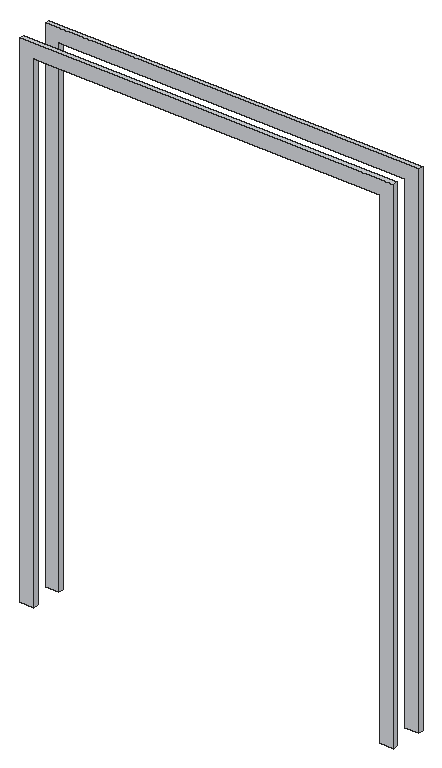
Revit family "Cua_Kinh_Cuong_Luc_2Canh_Bat2Chieu", category Doors, host Wall, Revit 2025
Family settings
  Host = Wall
  OmniClass Number = 23.30.10.00
  OmniClass Title = Doors
  Always vertical = Yes
  Cut with Voids When Loaded = No
  Shared = No
  Room Calculation Point = No
Parameters (values of type "D1 - Kính Cường Lực 10mm 2 Cánh")
  Function = Interior
  Frame Projection Ext. = 25 mm
  Frame Projection Int. = 25 mm
  Frame Width = 75 mm
  Height = 2700 mm
  Wall Closure = By host
  Width = 1900 mm
  Description = "Cửa kính cường lực 10mm 2 cánh bản lề sàn bật 2 chiều (D1)"
Reference planes
  plane 1: y = 0
  plane 2 "Center (Left/Right)": x = 0
  plane 3 "Left": x = -950
  plane 4 "Right": x = 950
  plane 5: z = 2700
  plane 6 "Exterior": y = 75
  plane 7 "Interior": y = -75
Forms (mm)
  Extrusion 1, solid
    sketch origin (-3050, -75, 0) x (1, 0, 0) y (0, 0, 1)
      loop
        line (2025, 0) -> (2100, 0) -> (2100, 2700) -> (4000, 2700) -> (4000, 0) -> (4075, 0) -> (4075, 2775) -> (2025, 2775) -> (2025, 0)
    from 0 to 25
  Extrusion 2, solid
    sketch origin (-3050, 75, 0) x (-1, 0, 0) y (0, 0, 1)
      loop
        line (-2100, 0) -> (-2025, 0) -> (-2025, 2775) -> (-4075, 2775) -> (-4075, 0) -> (-4000, 0) -> (-4000, 2700) -> (-2100, 2700) -> (-2100, 0)
    from 0 to 25
Lines and regions (mm)
  Opening 1
    outline origin (-3050, -75, 0) x (1, 0, 0) y (0, 0, 1)
      loop
        line (2100, 0) -> (4000, 0) -> (4000, 2700) -> (2100, 2700) -> (2100, 0)
  symbolic lines, style "Elevation Swing"
    curve 1: line (950, -75, 1350) -> (-950, -75, 2700)
    curve 2: line (950, -75, 1350) -> (-950, -75, 0)
  symbolic lines, style "Plan Swing"
    curve 3: arc (0, 0, 0) -> (-278.249, 671.751, 0) -> (-950, 950, 0) r 950
    curve 4: arc (-950, -950, 0) -> (-278.249, -671.751, 0) -> (0, 0, 0) r 950
    curve 5: arc (950, 950, 0) -> (278.249, 671.751, 0) -> (0, 0, 0) r 950
    curve 6: arc (0, 0, 0) -> (278.249, -671.751, 0) -> (950, -950, 0) r 950
  symbolic lines, style "DoorsPanelProjection"
    curve 7: line (-950, 0, 0) -> (-313.604, 636.396, 0)
    curve 8: line (-313.604, 636.396, 0) -> (-348.959, 671.751, 0)
    curve 9: line (-348.959, 671.751, 0) -> (-985.355, 35.355, 0)
    curve 10: line (-985.355, 35.355, 0) -> (-950, 0, 0)
    curve 11: line (-950, 0, 0) -> (-313.604, -636.396, 0)
    curve 12: line (-313.604, -636.396, 0) -> (-278.249, -601.041, 0)
    curve 13: line (-278.249, -601.041, 0) -> (-914.645, 35.355, 0)
    curve 14: line (-914.645, 35.355, 0) -> (-950, 0, 0)
    curve 15: line (950, 0, 0) -> (313.604, 636.396, 0)
    curve 16: line (313.604, 636.396, 0) -> (348.959, 671.751, 0)
    curve 17: line (348.959, 671.751, 0) -> (985.355, 35.355, 0)
    curve 18: line (985.355, 35.355, 0) -> (950, 0, 0)
    curve 19: line (950, 0, 0) -> (313.604, -636.396, 0)
    curve 20: line (313.604, -636.396, 0) -> (278.249, -601.041, 0)
    curve 21: line (278.249, -601.041, 0) -> (914.645, 35.355, 0)
    curve 22: line (914.645, 35.355, 0) -> (950, 0, 0)
Text (mm)
  text "Exterior" at (-1376.75, 1099.543, 0), in view "Ref. Level"
  text "Exterior" at (0, 1615.38, 3698.081), in view "Left"
  text "Exterior" at (0, 1036.032, 3874.932), in view "Right"
Dimensions and locks
  equal spacing: plane 3 "Left", plane 2 "Center (Left/Right)", plane 4 "Right"
  "Width": plane 3 "Left" to plane 4 "Right"
  "Height": plane 5 to host wall
  equal spacing: host wall, curve 2, plane 5
  host wall to plane 5 = 2700 mm
  "Frame Projection Ext.": Extrusion 2 to Extrusion 2
  "Frame Projection Int.": Extrusion 1 to Extrusion 1
  "Frame Width": plane 3 "Left" to Extrusion 1 sketch curve
  "Frame Width": plane 4 "Right" to Extrusion 1 sketch curve
  "Frame Width": Extrusion 1 sketch curve to plane 5
  "Frame Width": plane 4 "Right" to Extrusion 2 sketch curve
  "Frame Width": plane 3 "Left" to Extrusion 2 sketch curve
  "Frame Width": plane 5 to Extrusion 2 sketch curve
  locked: plane 6 "Exterior" to host wall
  locked: plane 7 "Interior" to host wall
  aligned and locked: plane 3 "Left" to Opening 1 sketch curve
  aligned and locked: plane 5 to Opening 1 sketch curve  (x2)
  aligned and locked: Opening 1 sketch curve to plane 4 "Right"
  aligned and locked: Opening 1 sketch curve to level
  aligned and locked: level to Extrusion 1 sketch curve
  aligned and locked: plane 5 to Extrusion 1 sketch curve  (x2)
  aligned and locked: Extrusion 1 sketch curve to plane 4 "Right"
  aligned and locked: plane 3 "Left" to Extrusion 1 sketch curve
  aligned and locked: plane 3 "Left" to Extrusion 2 sketch curve
  aligned and locked: plane 5 to Extrusion 2 sketch curve  (x2)
  aligned and locked: level to Extrusion 2 sketch curve
  aligned and locked: plane 5 to curve 1
  aligned and locked: plane 3 "Left" to curve 2
  aligned and locked: plane 1 to host wall
  aligned and locked: plane 3 "Left" to curve 1
Automatic sketch dimensions
  Extrusion 2 sketch curve to plane 4 "Right" = 0 mm
  Extrusion 1 sketch curve to level = 0 mm
  Extrusion 2 sketch curve to level = 0 mm
  plane 4 "Right" to curve 2 = 0 mm
  curve 2 to level = 0 mm
  curve 3 to plane 3 "Left" = 0 mm
  host wall to curve 3 = 0 mm
  curve 3 to plane 2 "Center (Left/Right)" = 0 mm
  curve 3 to curve 4 = 0 mm
  curve 4 to plane 2 "Center (Left/Right)" = 0 mm
  curve 5 to plane 2 "Center (Left/Right)" = 0 mm
  curve 5 to plane 4 "Right" = 0 mm
  curve 5 to curve 6 = 0 mm  (x2)
  curve 6 to plane 2 "Center (Left/Right)" = 0 mm
  host wall to curve 7 = 0 mm
  curve 7 to plane 2 "Center (Left/Right)" = 313.604 mm
  plane 3 "Left" to curve 9 = 35.355 mm
  curve 11 to plane 2 "Center (Left/Right)" = 313.604 mm
  curve 11 to curve 12 = 35.355 mm  (x2)
  curve 14 to plane 3 "Left" = 0 mm
  curve 14 to curve 13 = 0 mm
  plane 2 "Center (Left/Right)" to curve 15 = 313.604 mm
  curve 15 to curve 16 = 35.355 mm
  plane 2 "Center (Left/Right)" to curve 19 = 313.604 mm
  plane 4 "Right" to curve 21 = 35.355 mm
  curve 21 to host wall = 35.355 mm
  host wall to curve 22 = 0 mm
  curve 22 to plane 4 "Right" = 0 mm
  curve 22 to curve 21 = 0 mm
